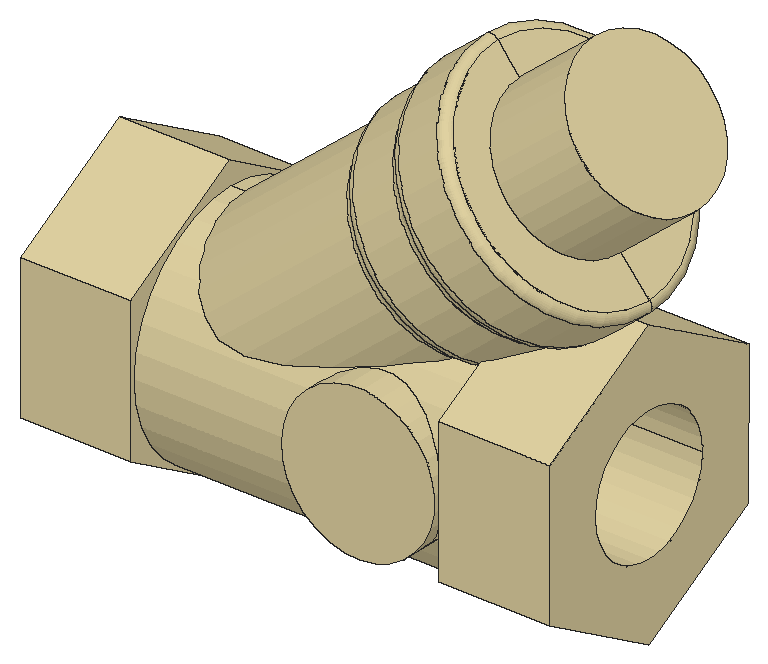
Revit family "DA02270000", category Apparecchi idraulici, Revit 2020
Family settings
  Quota connettore circolare = Usa diametro
  Tipo di parte = Normale
  Numero OmniClass = 23.45.00.00
  Titolo OmniClass = Sanitary, Laundry, and Cleaning Equipment
  Basato su piano di lavoro = No
  Sempre verticale = Sì
  Taglio con vuoti quando caricato = No
  Condiviso = No
  Punto di calcolo locali = No
Parameters
  URL = "https://web.cimberio.com/index.php/figura/1612?subcategoria_id=103"
  Temperatura di esercizio = "-10 ÷ 150°C"
  Prospetto di default = 0 mm
  Produttore = "CIMBERIO SPA"
  Pressione nominale = "PN 20"
  Modello = "Cim 74ACRNL/1"
  Materiale = "Prodotto in lega di ottone “CR” – “DZR\" conforme alla norma EN 12165-CW511L-M nelle misure fino a 1\"1/2 e alla norma EN 1982-CB770S Pb 0,2% max nelle misure da 2\""
  Descrizione = "Utilizzato per la filtrazione degli impianti di riscaldamento, idrici, igienico-sanitari, aria compressa e in generale con ogni fluido non corrosivo"
  DN Model [instance] = DA02271015 : DA02271015
  DN [instance] = 15 mm
  Commenti sul tipo = "Realizzato in ottemperanza ai requisiti gestionali della norma EN ISO 9001. Collaudato al 100% secondo la normativa EN 12266-1."
Reference planes
  plane 1 "Centro (Fronte/Retro)": y = 0
  plane 2: z = 0
  plane 3 "Centro (Sinistra/Destra)": x = 0
Dimensions and locks
  aligned and locked: level to plane 2
Nested families
  nested 1: "DA02271015" at (0, 0, 0), type <- "DN Model", type "DA02271015"
  nested 2: "DA02271015" at (0, 0, 0), type <- "DN Model", type "DA02271015"
  nested 3: "DA02271015" at (0, 0, 0), type <- "DN Model", type "DA02271015"
  nested 4: "DA02271015" at (0, 0, 0), type <- "DN Model", type "DA02271015"
  nested 5: "DA02271015" at (0, 0, 0), type <- "DN Model", type "DA02271015"
  nested 6: "DA02271015" at (0, 0, 0), type <- "DN Model", type "DA02271015"
Connectors
  piping at (29.5, 0, 0), diameter 15, driven by "DN"
    settings: on nested 1, index 1, connector inside diameter 609.6 mm, connector length 0 mm, flow factor 0, pipe flow 0.0 L/s, pressure drop 0.0 Pa, fitting loss kfactor 0, connector angle 0.00°, fixture units 0, engagement length 0 mm, angle of deflection 0.00°, flow configuration 0, flow direction 0, fitting loss method 0, system type 7, joint type 0, gender type 0, connector reference index -1, connector utility 0, adjustable connector no, is connector primary yes, connector description ""
  piping at (-29.5, 0, 0), diameter 15, driven by "DN"
    settings: on nested 1, index 2, connector inside diameter 609.6 mm, connector length 0 mm, flow factor 0, pipe flow 0.0 L/s, pressure drop 0.0 Pa, fitting loss kfactor 0, connector angle 0.00°, fixture units 0, engagement length 0 mm, angle of deflection 0.00°, flow configuration 0, flow direction 0, fitting loss method 0, system type 7, joint type 0, gender type 0, connector reference index -1, connector utility 0, adjustable connector no, is connector primary no, connector description ""
Definition of nested family "DA02271015"
  Parameters (values of type "DA02271015")
    Default Elevation = 0 mm
  Reference planes
    plane 1 "Centro (Fronte/Retro)": y = 0
    plane 2: z = 0
    plane 3 "Centro (Sinistra/Destra)": x = 0
  Forms (mm)
    Revolve 1, solid
      sketch origin (0, 0, 0) x (1, 0, 0) y (0, 0, 1)
        loop
          line (-19, -13.477) -> (19, -13.477) -> (19, -7.5) -> (-19, -7.5) -> (-19, -13.477)
        axis (-19, 0) -> (19, 0)
      angle from 0 to 360
    Revolve 2, solid
      sketch origin (0.395, 0, -1.85) x (1, 0, 0) y (0, 0, 1)
        loop
          line (15.91, 36.061) -> (12.302, 40.36)
          arc (12.302, 40.36) -> (11.612, 40.72) -> (10.87, 40.486) r 1.017
          line (10.87, 40.486) -> (6.597, 36.9)
          arc (6.597, 36.9) -> (6.216, 36.404) -> (6.062, 35.799) r 1.559
          arc (6.062, 35.799) -> (5.909, 35.197) -> (5.533, 34.703) r 1.56
          line (5.533, 34.703) -> (1.109, 30.99)
          arc (1.109, 30.99) -> (0.725, 30.497) -> (0.576, 29.89) r 1.493
          arc (0.576, 29.89) -> (0.431, 29.291) -> (0.056, 28.801) r 1.493
          line (0.056, 28.801) -> (-19.963, 12.003) -> (-16.987, 8.457) -> (15.91, 36.061)
        axis (20.731, 30.316) -> (-12.167, 2.712)
      angle from 0 to 360
    Extrusion 3, solid
      sketch origin (0, 0, 0) x (0, 1, 0) y (0, 0, 1)
        loop
          circle (0, 0) r 7.5
        loop
          line (0, 16) -> (-13.856, 8) -> (-13.856, -8) -> (0, -16) -> (13.856, -8) -> (13.856, 8) -> (0, 16)
      from -29.5 to -17.201
    Extrusion 4, solid
      sketch origin (16.422, 0, 26.751) x (0, 1, 0) y (-0.642788, 0, 0.766044)
        loop
          circle (0, -1.145) r 8.831
      from 4.705 to 15.677
    Extrusion 5, solid
      sketch origin (0, 0, 0) x (0, 1, 0) y (0, 0, -1)
        loop
          circle (0, 0) r 7.5
        loop
          line (0, -16) -> (13.856, -8) -> (13.856, 8) -> (0, 16) -> (-13.856, 8) -> (-13.856, -8) -> (0, -16)
      from -29.5 to -17.201
    Extrusion 6, solid
      sketch origin (0, 0, 0) x (1, 0, 0) y (0, 0, 1)
        loop
          arc (-0.057, 0.246) -> (5.31, -7.944) -> (14.85, -5.741) r 8.56
          arc (14.85, -5.741) -> (11.69, 7.944) -> (-0.057, 0.246) r 8.56
      from -13.856 to 14.25
  Dimensions and locks
    aligned and locked: level to plane 2
